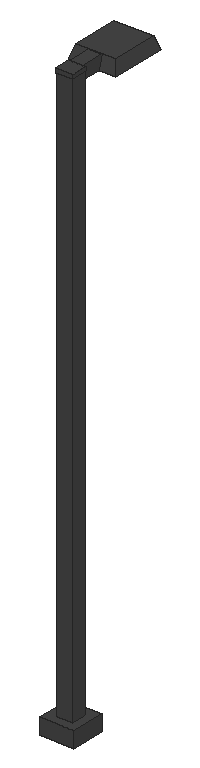
Revit family "RAR1", category Lighting Fixtures, Revit 2021
Family settings
  Round Connector Dimension = Use Diameter
  Part Type = Normal
  OmniClass Number = 23.80.70.14.21
  OmniClass Title = Street and Roadway Lighting
  Work Plane-Based = No
  Always vertical = Yes
  Cut with Voids When Loaded = No
  Light Source = Yes
  Shared = No
  Room Calculation Point = No
Parameters (values of type "RAR1")
  Width = 14.00"
  Wattage Comments = "20W"
  Wattage = 100 W
  built-in parameter 1150110 = 1 (stored number, unit not read)
  Voltage = 0 V
  URL = "https://www.currentlighting.com/exo"
  Type Comments = "Lighting Fixture"  # constant formula
  built-in parameter 1114217 = 1 (stored number, unit not read)
  Tilt Angle = 90.00°  # constant formula
  built-in parameter 1150109 = 1 (stored number, unit not read)
  built-in parameter 1150134 = (empty or 0)
  built-in parameter 1150113 = 1 (stored number, unit not read)
  Series = "Ratio"  # constant formula
  Product Page URL = ""
  Product Documentation Link = ""
  Power Factor = 1
  Pole Width = 4.00"
  Pole Height [instance] = 150.00"
  Pole = yes
  Photometric Web File = "RAR1-160L-100-3K7-2.ies"
  Photometric Notes = "More IES files download on Photometric Web Link"  # constant formula
  Offset From Pole = 6.12"
  Number of Poles = 1
  Model = "RAR1"
  Manufacturer = "EXO"  # constant formula
  Lumens = 13200 lm
  built-in parameter 1150115 = 1 (stored number, unit not read)
  built-in parameter 1150105 = 1050.4 (stored number, unit not read)
  Light source [instance] = Pole Height - 3.50"  # 146.50"
  built-in parameter 1150137 = (empty or 0)
  built-in parameter 1150139 = (empty or 0)
  Lens = Glass-Temper Molded
  built-in parameter 1150112 = 1 (stored number, unit not read)
  built-in parameter 1150114 = 1 (stored number, unit not read)
  Lamp = "default"
  built-in parameter 1150132 = (empty or 0)
  built-in parameter 1150102 = (empty or 0)
  built-in parameter 1150138 = (empty or 0)
  built-in parameter 1150107 = 3000 (stored number, unit not read)
  built-in parameter 1150106 = 10.504 (stored number, unit not read)
  Fixture Height = 7.50"
  Finish = Powder Coat-Black
  Emit from Rectangle Width = Width - 3.00"  # 11.00"
  Emit from Rectangle Length = Depth - 14.00"  # 4.44"
  Emit Shape Visible in Rendering = no
  built-in parameter 1150104 = 12.263 (stored number, unit not read)
  Dimming Lamp Color Temperature Shift = <None>
  Description = "With a new spin on a classic rectilinear form, Ratio brings the traditional shoebox aesthetic into the next generation of LED lighting. Ratio features a dense optical array which provides reduced pixilation and increased visual comfort without compromising performance. Designed for sustained, long-term performance with advanced thermal management, an elegantly simple heat sink, and industry leading surge protection."  # constant formula
  Depth = 18.44"
  Default Elevation = 0.00"
  Color Temperature = 0 K
  Color Filter = 16777215
  Certifications = "UL,CSA,Wet Listed, Damp Listed, ANSI 3G Vibration Rated"
  Center Width = 3.00"
  built-in parameter 1114218 = 1 (stored number, unit not read)
  built-in parameter 1150133 = 10 (stored number, unit not read)
  Assembly Code = "D5020200"
  Apparent Load = 20 VA
Reference planes (in)
  plane 1 "Light Source Axis (F/B)": y = 0
  plane 2: z = 0
  plane 3 "Light Source Axis (L/R)": x = 1.5
  plane 4 "Light Source Elevation": z = 146.5
  plane 5 "Back": y = -15.34
Dimensions and locks (in)
  "Light source": plane 4 "Light Source Elevation" to plane 2
  aligned and locked: plane 4 "Light Source Elevation" to imposter light
  aligned and locked: nested 1 to plane 3 "Light Source Axis (L/R)"
  aligned and locked: nested 1 to plane 5 "Back"
  aligned and locked: imposter light to plane 3 "Light Source Axis (L/R)"
Nested families (in)
  nested 1: "Lighting_Pole" at (1.5, -17.34, 0) x (-1, 0, 0) z (0, 0, 1), visible <- "Pole", type "Lighting_Pole"
    with Width 4.00", Height 150.00", Base Cover 8.625"
  nested 2: "RAR" at (1.30243, -15.34, 146.81398) x (-1, 0, 0) z (0, 1, 0), type "RAR"
    with Lens none, Finish Powder Coat-Black
Connectors (in)
  electrical at (1.5, -15.34, 18), driven by "Power Factor", driven by "Apparent Load", driven by "Apparent Load", driven by "Voltage", driven by "Number of Poles"
    settings: on nested 1, index 1, voltage 0 V, apparent load 20 VA, apparent load phase1 20 VA, apparent load phase2 0 VA, apparent load phase3 0 VA, power factor 1, load classification "Lighting", number of poles 1, system type 30, power factor state 1, is connector primary yes, connector utility no, sub classification motor no, connector description "Lighting Connector"
Definition of nested family "Lighting_Pole"
  Parameters
    Width = 5.00"
    URL = "http://www.kimlighting.com/"
    Type Comments = "Non-Tapered Pole"
    Model = "Square Pole"  # constant formula
    Manufacturer = "KIM Lighting"  # constant formula
    Height = 240.00"
    Finish = none
    Default Elevation = 0.00"
    Base Cover = if(Width = 5.00", 12.625", 8.625")  # 12.625"
  Reference planes (in)
    plane 1 "Center (Front/Back)": y = 0
    plane 2: z = 0
    plane 3 "Center (Left/Right)": x = 0
    plane 4 "Front": y = -2.5
    plane 5 "Left": x = -2.5
    plane 6 "Right": x = 2.5
    plane 7 "Back": y = 2.5
    plane 8 "Top": z = 240
    plane 9: x = -6.3125
    plane 10: x = 6.3125
    plane 11: y = 6.3125
    plane 12: y = -6.3125
    plane 13: z = 18
  Forms (in)
    Extrusion 1, solid, material <- "Finish"
      sketch origin (0, 0, 0) x (1, 0, 0) y (0, 1, 0)
        loop
          line (-2.5, -2.5) -> (2.5, -2.5) -> (2.5, 2.5) -> (-2.5, 2.5) -> (-2.5, -2.5)
      from 0 to 240
    Extrusion 2, solid, material <- "Finish", detail levels medium+fine
      sketch origin (0, 0, 0) x (1, 0, 0) y (0, 1, 0)
        loop
          line (-6.3125, -6.3125) -> (6.3125, -6.3125) -> (6.3125, 6.3125) -> (-6.3125, 6.3125) -> (-6.3125, -6.3125)
        loop
          line (-2.5, -2.5) -> (2.5, -2.5) -> (2.5, 2.5) -> (-2.5, 2.5) -> (-2.5, -2.5)
      from 0 to 4
    Extrusion 3, solid, material <- "Finish", detail levels fine
      sketch origin (0, 0, 0) x (1, 0, 0) y (0, 0, 1)
        loop
          line (-1.5, 15) -> (1.5, 15) -> (1.5, 21) -> (-1.5, 21) -> (-1.5, 15)
      from 2.5 to 2.5625
    Extrusion 4, solid, material <- "Finish", detail levels fine
      sketch origin (0, 0, 240) x (-1, 0, 0) y (0, -1, 0)
        loop
          line (2.5625, 2.5625) -> (-2.5625, 2.5625) -> (-2.5625, -2.5625) -> (2.5625, -2.5625) -> (2.5625, 2.5625)
      from 0.10394 to -0.89606
  Lines and regions (in)
    Masking region 1
      outline origin (0, 0, 0) x (1, 0, 0) y (0, 0, 1)
        loop
          line (-2.5, 0) -> (2.5, 0) -> (2.5, 240) -> (-2.5, 240) -> (-2.5, 0)
    Masking region 2, detail levels medium+fine
      outline origin (0, 0, 0) x (1, 0, 0) y (0, 0, 1)
        loop
          line (-6.3125, 0) -> (6.3125, 0) -> (6.3125, 4) -> (-6.3125, 4) -> (-6.3125, 0)
    Masking region 3, detail levels fine
      outline origin (0, 0, 0) x (1, 0, 0) y (0, 0, 1)
        loop
          line (-2.5625, 239.10394) -> (2.5625, 239.10394) -> (2.5625, 240.10394) -> (-2.5625, 240.10394) -> (-2.5625, 239.10394)
    Masking region 4
      outline origin (0, 0, 0) x (0, 1, 0) y (0, 0, 1)
        loop
          line (2.5, 0) -> (2.5, 240) -> (-2.5, 240) -> (-2.5, 0) -> (2.5, 0)
    Masking region 5, detail levels medium+fine
      outline origin (0, 0, 0) x (0, 1, 0) y (0, 0, 1)
        loop
          line (6.3125, 0) -> (6.3125, 4) -> (-6.3125, 4) -> (-6.3125, 0) -> (6.3125, 0)
    Masking region 6, detail levels fine
      outline origin (0, 0, 0) x (0, 1, 0) y (0, 0, 1)
        loop
          line (2.5625, 239.10394) -> (2.5625, 240.10394) -> (-2.5625, 240.10394) -> (-2.5625, 239.10394) -> (2.5625, 239.10394)
    Masking region 7, detail levels medium+fine
      outline origin (0, 0, 0) x (1, 0, 0) y (0, 1, 0)
        loop
          line (-6.3125, -6.3125) -> (6.3125, -6.3125) -> (6.3125, 6.3125) -> (-6.3125, 6.3125) -> (-6.3125, -6.3125)
        loop
          line (-2.5, -2.5) -> (2.5, -2.5) -> (2.5, 2.5) -> (-2.5, 2.5) -> (-2.5, -2.5)
    Masking region 8
      outline origin (0, 0, 0) x (1, 0, 0) y (0, 1, 0)
        loop
          line (-2.5, -2.5) -> (2.5, -2.5) -> (2.5, 2.5) -> (-2.5, 2.5) -> (-2.5, -2.5)
    symbolic lines, detail levels fine
      curve 1: line (-1.5, 0, 15) -> (1.5, 0, 15)
      curve 2: line (-1.5, 0, 21) -> (-1.5, 0, 15)
      curve 3: line (1.5, 0, 21) -> (-1.5, 0, 21)
      curve 4: line (1.5, 0, 15) -> (1.5, 0, 21)
  Dimensions and locks (in)
    equal spacing: plane 7 "Back", plane 1 "Center (Front/Back)", plane 4 "Front"
    equal spacing: plane 5 "Left", plane 3 "Center (Left/Right)", plane 6 "Right"
    "Width": plane 7 "Back" to plane 4 "Front"
    "Width": plane 5 "Left" to plane 6 "Right"
    plane 3 "Center (Left/Right)" to Extrusion 1 = 2.50"
    "Height": plane 8 "Top" to level
    equal spacing: plane 11, plane 1 "Center (Front/Back)", plane 12
    "Base Cover": plane 11 to plane 12
    equal spacing: plane 9, plane 3 "Center (Left/Right)", plane 10
    "Base Cover": plane 9 to plane 10
    locked: Extrusion 2 to level at 4
    locked: plane 13 to level at 18
    Extrusion 3 sketch curve to plane 13 to Extrusion 3 sketch curve = 3.00" locked, 3.00" locked
    Extrusion 3 sketch curve to plane 3 "Center (Left/Right)" to Extrusion 3 sketch curve = 1.50" locked, 1.50" locked
    locked: plane 4 "Front" to Extrusion 3 at 0.0625
    Extrusion 4 to plane 8 "Top" to Extrusion 4 = 0.10394" locked, 0.89606" locked
    aligned and locked: plane 5 "Left" to Extrusion 1 sketch curve
    aligned and locked: Extrusion 1 sketch curve to plane 4 "Front"
    aligned and locked: plane 7 "Back" to Extrusion 1 sketch curve
    aligned and locked: Extrusion 1 sketch curve to plane 6 "Right"
    aligned and locked: plane 8 "Top" to Extrusion 1
    aligned and locked: plane 9 to Extrusion 2 sketch curve
    aligned and locked: Extrusion 2 sketch curve to plane 12
    aligned and locked: plane 11 to Extrusion 2 sketch curve
    aligned and locked: Extrusion 2 sketch curve to plane 10
    aligned and locked: Extrusion 1 to Extrusion 2 sketch curve
    aligned and locked: Extrusion 2 sketch curve to Extrusion 1  (x3)
    aligned and locked: plane 4 "Front" to Extrusion 3
    aligned: plane 8 "Top" to Extrusion 4
    aligned and locked: Masking region 1 sketch curve to Extrusion 1  (x2)
    aligned and locked: plane 8 "Top" to Masking region 1 sketch curve
    aligned and locked: Masking region 1 sketch curve to plane 6 "Right"
    aligned and locked: Masking region 2 sketch curve to Extrusion 2  (x2)
    aligned and locked: Extrusion 2 to Masking region 2 sketch curve
    aligned and locked: Masking region 2 sketch curve to plane 10
    aligned and locked: Extrusion 3 to curve 1
    aligned and locked: curve 1 to Extrusion 3
    aligned and locked: curve 4 to Extrusion 3  (x2)
    aligned and locked: Masking region 3 sketch curve to Extrusion 4  (x3)
    aligned and locked: Extrusion 4 to Masking region 3 sketch curve
    aligned and locked: Masking region 4 sketch curve to Extrusion 1  (x3)
    aligned and locked: Extrusion 1 to Masking region 4 sketch curve
    aligned and locked: Masking region 5 sketch curve to Extrusion 2  (x3)
    aligned and locked: Extrusion 2 to Masking region 5 sketch curve
    aligned and locked: Masking region 6 sketch curve to Extrusion 4  (x3)
    aligned and locked: Extrusion 4 to Masking region 6 sketch curve
    aligned and locked: Extrusion 2 to Masking region 7 sketch curve
    aligned and locked: Masking region 7 sketch curve to Extrusion 2  (x3)
    aligned and locked: Extrusion 1 to Masking region 8 sketch curve
    aligned and locked: Masking region 8 sketch curve to Extrusion 1  (x3)
    aligned and locked: Extrusion 1 to Masking region 7 sketch curve
    aligned and locked: Masking region 7 sketch curve to Extrusion 1  (x3)
  Automatic sketch dimensions
    Extrusion 4 sketch curve to plane 6 "Right" = 0.0625"
    plane 5 "Left" to Extrusion 4 sketch curve = 0.0625"
    plane 7 "Back" to Extrusion 4 sketch curve = 0.0625"
    Extrusion 4 sketch curve to plane 4 "Front" = 0.0625"
Definition of nested family "RAR"
  Parameters
    URL = "http://www.spauldinglighting.com/"
    Product Page URL = ""
    Product Documentation Link = ""
    Manufacturer Phone = "(864)-678-1000"  # constant formula
    Manufacturer Fax = "(866)-898-1065"  # constant formula
    Manufacturer = "Spaulding Lighting"  # constant formula
    Lens Finish = none
    Lens [instance] = none
    Length = 30.25"
    Finish [instance] = none
    Default Elevation = 48.00"
    C = 12.00"
  Reference planes (in)
    plane 1 "Center (Front/Back)": y = 0
    plane 2: z = 0
    plane 3 "Center (Left/Right)": x = 0
    plane 4: z = 19
    plane 5: z = 5
    plane 6: y = -3.375
    plane 7: x = -6
    plane 8: x = 6
    plane 9: y = 3
  Forms (in)
    Extrusion 1, solid, material <- "Finish"
      sketch origin (0, 0, 0) x (0, 1, 0) y (0, 0, 1)
        loop
          line (0, 5) -> (0, 0) -> (3.25, 0) -> (3.25, 6) -> (0, 5)
      from -1.5889 to 1.5889
    Blend 2, solid, material <- "Finish"
      base sketch origin (0, 0, 0) x (1, 0, 0) y (0, 0, 1)
        loop
          line (-6, 19) -> (-6, 5) -> (6, 5) -> (6, 19) -> (-6, 19)
      top sketch origin (0, 0, 0) x (1, 0, 0) y (0, 0, 1)
        loop
          line (-5, 18) -> (-5, 6) -> (5, 6) -> (5, 18) -> (-5, 18)
      from 0 to -3.25
    Extrusion 3, void
      sketch origin (0, 0, 0) x (1, 0, 0) y (0, 0, 1)
        loop
          line (-5, 18) -> (-5, 12.48575) -> (5, 12.48575) -> (5, 18) -> (-5, 18)
      from 0 to -1
    Extrusion 4, solid, material <- "Lens"
      sketch origin (0, 0, 0) x (1, 0, 0) y (0, 0, 1)
        loop
          line (-5, 18) -> (-5, 12.48575) -> (5, 12.48575) -> (5, 18) -> (-5, 18)
        loop
          line (-4.74415, 17.73809) -> (-4.74415, 17.48809) -> (-4.49415, 17.48809) -> (-4.49415, 17.73809) -> (-4.74415, 17.73809)
        loop
          line (-4.24415, 17.73809) -> (-4.24415, 17.48809) -> (-3.99415, 17.48809) -> (-3.99415, 17.73809) -> (-4.24415, 17.73809)
        loop
          line (-3.74415, 17.73809) -> (-3.74415, 17.48809) -> (-3.49415, 17.48809) -> (-3.49415, 17.73809) -> (-3.74415, 17.73809)
        loop
          line (-3.33759, 17.73809) -> (-3.33759, 17.48809) -> (-3.08759, 17.48809) -> (-3.08759, 17.73809) -> (-3.33759, 17.73809)
        loop
          line (-2.83759, 17.73809) -> (-2.83759, 17.48809) -> (-2.58759, 17.48809) -> (-2.58759, 17.73809) -> (-2.83759, 17.73809)
        loop
          line (-2.33759, 17.73809) -> (-2.33759, 17.48809) -> (-2.08759, 17.48809) -> (-2.08759, 17.73809) -> (-2.33759, 17.73809)
        loop
          line (-1.93103, 17.73809) -> (-1.93103, 17.48809) -> (-1.68103, 17.48809) -> (-1.68103, 17.73809) -> (-1.93103, 17.73809)
        loop
          line (-1.43103, 17.73809) -> (-1.43103, 17.48809) -> (-1.18103, 17.48809) -> (-1.18103, 17.73809) -> (-1.43103, 17.73809)
        loop
          line (-0.93103, 17.73809) -> (-0.93103, 17.48809) -> (-0.68103, 17.48809) -> (-0.68103, 17.73809) -> (-0.93103, 17.73809)
        loop
          line (-0.52447, 17.73809) -> (-0.52447, 17.48809) -> (-0.27447, 17.48809) -> (-0.27447, 17.73809) -> (-0.52447, 17.73809)
        loop
          line (0.25585, 17.73809) -> (0.25585, 17.48809) -> (0.50585, 17.48809) -> (0.50585, 17.73809) -> (0.25585, 17.73809)
        loop
          line (0.75585, 17.73809) -> (0.75585, 17.48809) -> (1.00585, 17.48809) -> (1.00585, 17.73809) -> (0.75585, 17.73809)
        loop
          line (1.25585, 17.73809) -> (1.25585, 17.48809) -> (1.50585, 17.48809) -> (1.50585, 17.73809) -> (1.25585, 17.73809)
        loop
          line (1.66241, 17.73809) -> (1.66241, 17.48809) -> (1.91241, 17.48809) -> (1.91241, 17.73809) -> (1.66241, 17.73809)
        loop
          line (2.16241, 17.73809) -> (2.16241, 17.48809) -> (2.41241, 17.48809) -> (2.41241, 17.73809) -> (2.16241, 17.73809)
        loop
          line (2.66241, 17.73809) -> (2.66241, 17.48809) -> (2.91241, 17.48809) -> (2.91241, 17.73809) -> (2.66241, 17.73809)
        loop
          line (3.06897, 17.73809) -> (3.06897, 17.48809) -> (3.31897, 17.48809) -> (3.31897, 17.73809) -> (3.06897, 17.73809)
        loop
          line (3.56897, 17.73809) -> (3.56897, 17.48809) -> (3.81897, 17.48809) -> (3.81897, 17.73809) -> (3.56897, 17.73809)
        loop
          line (4.06897, 17.73809) -> (4.06897, 17.48809) -> (4.31897, 17.48809) -> (4.31897, 17.73809) -> (4.06897, 17.73809)
        loop
          line (4.47553, 17.73809) -> (4.47553, 17.48809) -> (4.72553, 17.48809) -> (4.72553, 17.73809) -> (4.47553, 17.73809)
        loop
          line (-4.74415, 17.22618) -> (-4.74415, 16.97618) -> (-4.49415, 16.97618) -> (-4.49415, 17.22618) -> (-4.74415, 17.22618)
        loop
          line (-4.24415, 17.22618) -> (-4.24415, 16.97618) -> (-3.99415, 16.97618) -> (-3.99415, 17.22618) -> (-4.24415, 17.22618)
        loop
          line (-3.74415, 17.22618) -> (-3.74415, 16.97618) -> (-3.49415, 16.97618) -> (-3.49415, 17.22618) -> (-3.74415, 17.22618)
        loop
          line (-3.33759, 17.22618) -> (-3.33759, 16.97618) -> (-3.08759, 16.97618) -> (-3.08759, 17.22618) -> (-3.33759, 17.22618)
        loop
          line (-2.83759, 17.22618) -> (-2.83759, 16.97618) -> (-2.58759, 16.97618) -> (-2.58759, 17.22618) -> (-2.83759, 17.22618)
        loop
          line (-2.33759, 17.22618) -> (-2.33759, 16.97618) -> (-2.08759, 16.97618) -> (-2.08759, 17.22618) -> (-2.33759, 17.22618)
        loop
          line (-1.93103, 17.22618) -> (-1.93103, 16.97618) -> (-1.68103, 16.97618) -> (-1.68103, 17.22618) -> (-1.93103, 17.22618)
        loop
          line (-1.43103, 17.22618) -> (-1.43103, 16.97618) -> (-1.18103, 16.97618) -> (-1.18103, 17.22618) -> (-1.43103, 17.22618)
        loop
          line (-0.93103, 17.22618) -> (-0.93103, 16.97618) -> (-0.68103, 16.97618) -> (-0.68103, 17.22618) -> (-0.93103, 17.22618)
        loop
          line (-0.52447, 17.22618) -> (-0.52447, 16.97618) -> (-0.27447, 16.97618) -> (-0.27447, 17.22618) -> (-0.52447, 17.22618)
        loop
          line (0.25585, 17.22618) -> (0.25585, 16.97618) -> (0.50585, 16.97618) -> (0.50585, 17.22618) -> (0.25585, 17.22618)
        loop
          line (0.75585, 17.22618) -> (0.75585, 16.97618) -> (1.00585, 16.97618) -> (1.00585, 17.22618) -> (0.75585, 17.22618)
        loop
          line (1.25585, 17.22618) -> (1.25585, 16.97618) -> (1.50585, 16.97618) -> (1.50585, 17.22618) -> (1.25585, 17.22618)
        loop
          line (1.66241, 17.22618) -> (1.66241, 16.97618) -> (1.91241, 16.97618) -> (1.91241, 17.22618) -> (1.66241, 17.22618)
        loop
          line (2.16241, 17.22618) -> (2.16241, 16.97618) -> (2.41241, 16.97618) -> (2.41241, 17.22618) -> (2.16241, 17.22618)
        loop
          line (2.66241, 17.22618) -> (2.66241, 16.97618) -> (2.91241, 16.97618) -> (2.91241, 17.22618) -> (2.66241, 17.22618)
        loop
          line (3.06897, 17.22618) -> (3.06897, 16.97618) -> (3.31897, 16.97618) -> (3.31897, 17.22618) -> (3.06897, 17.22618)
        loop
          line (3.56897, 17.22618) -> (3.56897, 16.97618) -> (3.81897, 16.97618) -> (3.81897, 17.22618) -> (3.56897, 17.22618)
        loop
          line (4.06897, 17.22618) -> (4.06897, 16.97618) -> (4.31897, 16.97618) -> (4.31897, 17.22618) -> (4.06897, 17.22618)
        loop
          line (4.47553, 17.22618) -> (4.47553, 16.97618) -> (4.72553, 16.97618) -> (4.72553, 17.22618) -> (4.47553, 17.22618)
        loop
          line (-4.74415, 16.71427) -> (-4.74415, 16.46427) -> (-4.49415, 16.46427) -> (-4.49415, 16.71427) -> (-4.74415, 16.71427)
        loop
          line (-4.24415, 16.71427) -> (-4.24415, 16.46427) -> (-3.99415, 16.46427) -> (-3.99415, 16.71427) -> (-4.24415, 16.71427)
        loop
          line (-3.74415, 16.71427) -> (-3.74415, 16.46427) -> (-3.49415, 16.46427) -> (-3.49415, 16.71427) -> (-3.74415, 16.71427)
        loop
          line (-3.33759, 16.71427) -> (-3.33759, 16.46427) -> (-3.08759, 16.46427) -> (-3.08759, 16.71427) -> (-3.33759, 16.71427)
        loop
          line (-2.83759, 16.71427) -> (-2.83759, 16.46427) -> (-2.58759, 16.46427) -> (-2.58759, 16.71427) -> (-2.83759, 16.71427)
        loop
          line (-2.33759, 16.71427) -> (-2.33759, 16.46427) -> (-2.08759, 16.46427) -> (-2.08759, 16.71427) -> (-2.33759, 16.71427)
        loop
          line (-1.93103, 16.71427) -> (-1.93103, 16.46427) -> (-1.68103, 16.46427) -> (-1.68103, 16.71427) -> (-1.93103, 16.71427)
        loop
          line (-1.43103, 16.71427) -> (-1.43103, 16.46427) -> (-1.18103, 16.46427) -> (-1.18103, 16.71427) -> (-1.43103, 16.71427)
        loop
          line (-0.93103, 16.71427) -> (-0.93103, 16.46427) -> (-0.68103, 16.46427) -> (-0.68103, 16.71427) -> (-0.93103, 16.71427)
        loop
          line (-0.52447, 16.71427) -> (-0.52447, 16.46427) -> (-0.27447, 16.46427) -> (-0.27447, 16.71427) -> (-0.52447, 16.71427)
        loop
          line (0.25585, 16.71427) -> (0.25585, 16.46427) -> (0.50585, 16.46427) -> (0.50585, 16.71427) -> (0.25585, 16.71427)
        loop
          line (0.75585, 16.71427) -> (0.75585, 16.46427) -> (1.00585, 16.46427) -> (1.00585, 16.71427) -> (0.75585, 16.71427)
        loop
          line (1.25585, 16.71427) -> (1.25585, 16.46427) -> (1.50585, 16.46427) -> (1.50585, 16.71427) -> (1.25585, 16.71427)
        loop
          line (1.66241, 16.71427) -> (1.66241, 16.46427) -> (1.91241, 16.46427) -> (1.91241, 16.71427) -> (1.66241, 16.71427)
        loop
          line (2.16241, 16.71427) -> (2.16241, 16.46427) -> (2.41241, 16.46427) -> (2.41241, 16.71427) -> (2.16241, 16.71427)
        loop
          line (2.66241, 16.71427) -> (2.66241, 16.46427) -> (2.91241, 16.46427) -> (2.91241, 16.71427) -> (2.66241, 16.71427)
        loop
          line (3.06897, 16.71427) -> (3.06897, 16.46427) -> (3.31897, 16.46427) -> (3.31897, 16.71427) -> (3.06897, 16.71427)
        loop
          line (3.56897, 16.71427) -> (3.56897, 16.46427) -> (3.81897, 16.46427) -> (3.81897, 16.71427) -> (3.56897, 16.71427)
        loop
          line (4.06897, 16.71427) -> (4.06897, 16.46427) -> (4.31897, 16.46427) -> (4.31897, 16.71427) -> (4.06897, 16.71427)
        loop
          line (4.47553, 16.71427) -> (4.47553, 16.46427) -> (4.72553, 16.46427) -> (4.72553, 16.71427) -> (4.47553, 16.71427)
        loop
          line (-4.74415, 16.20236) -> (-4.74415, 15.95236) -> (-4.49415, 15.95236) -> (-4.49415, 16.20236) -> (-4.74415, 16.20236)
        loop
          line (-4.24415, 16.20236) -> (-4.24415, 15.95236) -> (-3.99415, 15.95236) -> (-3.99415, 16.20236) -> (-4.24415, 16.20236)
        loop
          line (-3.74415, 16.20236) -> (-3.74415, 15.95236) -> (-3.49415, 15.95236) -> (-3.49415, 16.20236) -> (-3.74415, 16.20236)
        loop
          line (-3.33759, 16.20236) -> (-3.33759, 15.95236) -> (-3.08759, 15.95236) -> (-3.08759, 16.20236) -> (-3.33759, 16.20236)
        loop
          line (-2.83759, 16.20236) -> (-2.83759, 15.95236) -> (-2.58759, 15.95236) -> (-2.58759, 16.20236) -> (-2.83759, 16.20236)
        loop
          line (-2.33759, 16.20236) -> (-2.33759, 15.95236) -> (-2.08759, 15.95236) -> (-2.08759, 16.20236) -> (-2.33759, 16.20236)
        loop
          line (-1.93103, 16.20236) -> (-1.93103, 15.95236) -> (-1.68103, 15.95236) -> (-1.68103, 16.20236) -> (-1.93103, 16.20236)
        loop
          line (-1.43103, 16.20236) -> (-1.43103, 15.95236) -> (-1.18103, 15.95236) -> (-1.18103, 16.20236) -> (-1.43103, 16.20236)
        loop
          line (-0.93103, 16.20236) -> (-0.93103, 15.95236) -> (-0.68103, 15.95236) -> (-0.68103, 16.20236) -> (-0.93103, 16.20236)
        loop
          line (-0.52447, 16.20236) -> (-0.52447, 15.95236) -> (-0.27447, 15.95236) -> (-0.27447, 16.20236) -> (-0.52447, 16.20236)
        loop
          line (0.25585, 16.20236) -> (0.25585, 15.95236) -> (0.50585, 15.95236) -> (0.50585, 16.20236) -> (0.25585, 16.20236)
        loop
          line (0.75585, 16.20236) -> (0.75585, 15.95236) -> (1.00585, 15.95236) -> (1.00585, 16.20236) -> (0.75585, 16.20236)
        loop
          line (1.25585, 16.20236) -> (1.25585, 15.95236) -> (1.50585, 15.95236) -> (1.50585, 16.20236) -> (1.25585, 16.20236)
        loop
          line (1.66241, 16.20236) -> (1.66241, 15.95236) -> (1.91241, 15.95236) -> (1.91241, 16.20236) -> (1.66241, 16.20236)
        loop
          line (2.16241, 16.20236) -> (2.16241, 15.95236) -> (2.41241, 15.95236) -> (2.41241, 16.20236) -> (2.16241, 16.20236)
        loop
          line (2.66241, 16.20236) -> (2.66241, 15.95236) -> (2.91241, 15.95236) -> (2.91241, 16.20236) -> (2.66241, 16.20236)
        loop
          line (3.06897, 16.20236) -> (3.06897, 15.95236) -> (3.31897, 15.95236) -> (3.31897, 16.20236) -> (3.06897, 16.20236)
        loop
          line (3.56897, 16.20236) -> (3.56897, 15.95236) -> (3.81897, 15.95236) -> (3.81897, 16.20236) -> (3.56897, 16.20236)
        loop
          line (4.06897, 16.20236) -> (4.06897, 15.95236) -> (4.31897, 15.95236) -> (4.31897, 16.20236) -> (4.06897, 16.20236)
        loop
          line (4.47553, 16.20236) -> (4.47553, 15.95236) -> (4.72553, 15.95236) -> (4.72553, 16.20236) -> (4.47553, 16.20236)
        loop
          line (-4.74415, 15.69045) -> (-4.74415, 15.44045) -> (-4.49415, 15.44045) -> (-4.49415, 15.69045) -> (-4.74415, 15.69045)
        loop
          line (-4.24415, 15.69045) -> (-4.24415, 15.44045) -> (-3.99415, 15.44045) -> (-3.99415, 15.69045) -> (-4.24415, 15.69045)
        loop
          line (-3.74415, 15.69045) -> (-3.74415, 15.44045) -> (-3.49415, 15.44045) -> (-3.49415, 15.69045) -> (-3.74415, 15.69045)
        loop
          line (-3.33759, 15.69045) -> (-3.33759, 15.44045) -> (-3.08759, 15.44045) -> (-3.08759, 15.69045) -> (-3.33759, 15.69045)
        loop
          line (-2.83759, 15.69045) -> (-2.83759, 15.44045) -> (-2.58759, 15.44045) -> (-2.58759, 15.69045) -> (-2.83759, 15.69045)
        loop
          line (-2.33759, 15.69045) -> (-2.33759, 15.44045) -> (-2.08759, 15.44045) -> (-2.08759, 15.69045) -> (-2.33759, 15.69045)
        loop
          line (-1.93103, 15.69045) -> (-1.93103, 15.44045) -> (-1.68103, 15.44045) -> (-1.68103, 15.69045) -> (-1.93103, 15.69045)
        loop
          line (-1.43103, 15.69045) -> (-1.43103, 15.44045) -> (-1.18103, 15.44045) -> (-1.18103, 15.69045) -> (-1.43103, 15.69045)
        loop
          line (-0.93103, 15.69045) -> (-0.93103, 15.44045) -> (-0.68103, 15.44045) -> (-0.68103, 15.69045) -> (-0.93103, 15.69045)
        loop
          line (-0.52447, 15.69045) -> (-0.52447, 15.44045) -> (-0.27447, 15.44045) -> (-0.27447, 15.69045) -> (-0.52447, 15.69045)
        loop
          line (0.25585, 15.69045) -> (0.25585, 15.44045) -> (0.50585, 15.44045) -> (0.50585, 15.69045) -> (0.25585, 15.69045)
        loop
          line (0.75585, 15.69045) -> (0.75585, 15.44045) -> (1.00585, 15.44045) -> (1.00585, 15.69045) -> (0.75585, 15.69045)
        loop
          line (1.25585, 15.69045) -> (1.25585, 15.44045) -> (1.50585, 15.44045) -> (1.50585, 15.69045) -> (1.25585, 15.69045)
        loop
          line (1.66241, 15.69045) -> (1.66241, 15.44045) -> (1.91241, 15.44045) -> (1.91241, 15.69045) -> (1.66241, 15.69045)
        loop
          line (2.16241, 15.69045) -> (2.16241, 15.44045) -> (2.41241, 15.44045) -> (2.41241, 15.69045) -> (2.16241, 15.69045)
        loop
          line (2.66241, 15.69045) -> (2.66241, 15.44045) -> (2.91241, 15.44045) -> (2.91241, 15.69045) -> (2.66241, 15.69045)
        loop
          line (3.06897, 15.69045) -> (3.06897, 15.44045) -> (3.31897, 15.44045) -> (3.31897, 15.69045) -> (3.06897, 15.69045)
        loop
          line (3.56897, 15.69045) -> (3.56897, 15.44045) -> (3.81897, 15.44045) -> (3.81897, 15.69045) -> (3.56897, 15.69045)
        loop
          line (4.06897, 15.69045) -> (4.06897, 15.44045) -> (4.31897, 15.44045) -> (4.31897, 15.69045) -> (4.06897, 15.69045)
        loop
          line (4.47553, 15.69045) -> (4.47553, 15.44045) -> (4.72553, 15.44045) -> (4.72553, 15.69045) -> (4.47553, 15.69045)
        loop
          line (-4.74415, 15.17854) -> (-4.74415, 14.92854) -> (-4.49415, 14.92854) -> (-4.49415, 15.17854) -> (-4.74415, 15.17854)
        loop
          line (-4.24415, 15.17854) -> (-4.24415, 14.92854) -> (-3.99415, 14.92854) -> (-3.99415, 15.17854) -> (-4.24415, 15.17854)
        loop
          line (-3.74415, 15.17854) -> (-3.74415, 14.92854) -> (-3.49415, 14.92854) -> (-3.49415, 15.17854) -> (-3.74415, 15.17854)
        loop
          line (-3.33759, 15.17854) -> (-3.33759, 14.92854) -> (-3.08759, 14.92854) -> (-3.08759, 15.17854) -> (-3.33759, 15.17854)
        loop
          line (-2.83759, 15.17854) -> (-2.83759, 14.92854) -> (-2.58759, 14.92854) -> (-2.58759, 15.17854) -> (-2.83759, 15.17854)
        loop
          line (-2.33759, 15.17854) -> (-2.33759, 14.92854) -> (-2.08759, 14.92854) -> (-2.08759, 15.17854) -> (-2.33759, 15.17854)
        loop
          line (-1.93103, 15.17854) -> (-1.93103, 14.92854) -> (-1.68103, 14.92854) -> (-1.68103, 15.17854) -> (-1.93103, 15.17854)
        loop
          line (-1.43103, 15.17854) -> (-1.43103, 14.92854) -> (-1.18103, 14.92854) -> (-1.18103, 15.17854) -> (-1.43103, 15.17854)
        loop
          line (-0.93103, 15.17854) -> (-0.93103, 14.92854) -> (-0.68103, 14.92854) -> (-0.68103, 15.17854) -> (-0.93103, 15.17854)
        loop
          line (-0.52447, 15.17854) -> (-0.52447, 14.92854) -> (-0.27447, 14.92854) -> (-0.27447, 15.17854) -> (-0.52447, 15.17854)
        loop
          line (0.25585, 15.17854) -> (0.25585, 14.92854) -> (0.50585, 14.92854) -> (0.50585, 15.17854) -> (0.25585, 15.17854)
        loop
          line (0.75585, 15.17854) -> (0.75585, 14.92854) -> (1.00585, 14.92854) -> (1.00585, 15.17854) -> (0.75585, 15.17854)
        loop
          line (1.25585, 15.17854) -> (1.25585, 14.92854) -> (1.50585, 14.92854) -> (1.50585, 15.17854) -> (1.25585, 15.17854)
        loop
          line (1.66241, 15.17854) -> (1.66241, 14.92854) -> (1.91241, 14.92854) -> (1.91241, 15.17854) -> (1.66241, 15.17854)
        loop
          line (2.16241, 15.17854) -> (2.16241, 14.92854) -> (2.41241, 14.92854) -> (2.41241, 15.17854) -> (2.16241, 15.17854)
        loop
          line (2.66241, 15.17854) -> (2.66241, 14.92854) -> (2.91241, 14.92854) -> (2.91241, 15.17854) -> (2.66241, 15.17854)
        loop
          line (3.06897, 15.17854) -> (3.06897, 14.92854) -> (3.31897, 14.92854) -> (3.31897, 15.17854) -> (3.06897, 15.17854)
        loop
          line (3.56897, 15.17854) -> (3.56897, 14.92854) -> (3.81897, 14.92854) -> (3.81897, 15.17854) -> (3.56897, 15.17854)
        loop
          line (4.06897, 15.17854) -> (4.06897, 14.92854) -> (4.31897, 14.92854) -> (4.31897, 15.17854) -> (4.06897, 15.17854)
        loop
          line (4.47553, 15.17854) -> (4.47553, 14.92854) -> (4.72553, 14.92854) -> (4.72553, 15.17854) -> (4.47553, 15.17854)
        loop
          line (-4.74415, 14.66663) -> (-4.74415, 14.41663) -> (-4.49415, 14.41663) -> (-4.49415, 14.66663) -> (-4.74415, 14.66663)
        loop
          line (-4.24415, 14.66663) -> (-4.24415, 14.41663) -> (-3.99415, 14.41663) -> (-3.99415, 14.66663) -> (-4.24415, 14.66663)
        loop
          line (-3.74415, 14.66663) -> (-3.74415, 14.41663) -> (-3.49415, 14.41663) -> (-3.49415, 14.66663) -> (-3.74415, 14.66663)
        loop
          line (-3.33759, 14.66663) -> (-3.33759, 14.41663) -> (-3.08759, 14.41663) -> (-3.08759, 14.66663) -> (-3.33759, 14.66663)
        loop
          line (-2.83759, 14.66663) -> (-2.83759, 14.41663) -> (-2.58759, 14.41663) -> (-2.58759, 14.66663) -> (-2.83759, 14.66663)
        loop
          line (-2.33759, 14.66663) -> (-2.33759, 14.41663) -> (-2.08759, 14.41663) -> (-2.08759, 14.66663) -> (-2.33759, 14.66663)
        loop
          line (-1.93103, 14.66663) -> (-1.93103, 14.41663) -> (-1.68103, 14.41663) -> (-1.68103, 14.66663) -> (-1.93103, 14.66663)
        loop
          line (-1.43103, 14.66663) -> (-1.43103, 14.41663) -> (-1.18103, 14.41663) -> (-1.18103, 14.66663) -> (-1.43103, 14.66663)
        loop
          line (-0.93103, 14.66663) -> (-0.93103, 14.41663) -> (-0.68103, 14.41663) -> (-0.68103, 14.66663) -> (-0.93103, 14.66663)
        loop
          line (-0.52447, 14.66663) -> (-0.52447, 14.41663) -> (-0.27447, 14.41663) -> (-0.27447, 14.66663) -> (-0.52447, 14.66663)
        loop
          line (0.25585, 14.66663) -> (0.25585, 14.41663) -> (0.50585, 14.41663) -> (0.50585, 14.66663) -> (0.25585, 14.66663)
        loop
          line (0.75585, 14.66663) -> (0.75585, 14.41663) -> (1.00585, 14.41663) -> (1.00585, 14.66663) -> (0.75585, 14.66663)
        loop
          line (1.25585, 14.66663) -> (1.25585, 14.41663) -> (1.50585, 14.41663) -> (1.50585, 14.66663) -> (1.25585, 14.66663)
        loop
          line (1.66241, 14.66663) -> (1.66241, 14.41663) -> (1.91241, 14.41663) -> (1.91241, 14.66663) -> (1.66241, 14.66663)
        loop
          line (2.16241, 14.66663) -> (2.16241, 14.41663) -> (2.41241, 14.41663) -> (2.41241, 14.66663) -> (2.16241, 14.66663)
        loop
          line (2.66241, 14.66663) -> (2.66241, 14.41663) -> (2.91241, 14.41663) -> (2.91241, 14.66663) -> (2.66241, 14.66663)
        loop
          line (3.06897, 14.66663) -> (3.06897, 14.41663) -> (3.31897, 14.41663) -> (3.31897, 14.66663) -> (3.06897, 14.66663)
        loop
          line (3.56897, 14.66663) -> (3.56897, 14.41663) -> (3.81897, 14.41663) -> (3.81897, 14.66663) -> (3.56897, 14.66663)
        loop
          line (4.06897, 14.66663) -> (4.06897, 14.41663) -> (4.31897, 14.41663) -> (4.31897, 14.66663) -> (4.06897, 14.66663)
        loop
          line (4.47553, 14.66663) -> (4.47553, 14.41663) -> (4.72553, 14.41663) -> (4.72553, 14.66663) -> (4.47553, 14.66663)
        loop
          line (-4.74415, 14.15472) -> (-4.74415, 13.90472) -> (-4.49415, 13.90472) -> (-4.49415, 14.15472) -> (-4.74415, 14.15472)
        loop
          line (-4.24415, 14.15472) -> (-4.24415, 13.90472) -> (-3.99415, 13.90472) -> (-3.99415, 14.15472) -> (-4.24415, 14.15472)
        loop
          line (-3.74415, 14.15472) -> (-3.74415, 13.90472) -> (-3.49415, 13.90472) -> (-3.49415, 14.15472) -> (-3.74415, 14.15472)
        loop
          line (-3.33759, 14.15472) -> (-3.33759, 13.90472) -> (-3.08759, 13.90472) -> (-3.08759, 14.15472) -> (-3.33759, 14.15472)
        loop
          line (-2.83759, 14.15472) -> (-2.83759, 13.90472) -> (-2.58759, 13.90472) -> (-2.58759, 14.15472) -> (-2.83759, 14.15472)
        loop
          line (-2.33759, 14.15472) -> (-2.33759, 13.90472) -> (-2.08759, 13.90472) -> (-2.08759, 14.15472) -> (-2.33759, 14.15472)
        loop
          line (-1.93103, 14.15472) -> (-1.93103, 13.90472) -> (-1.68103, 13.90472) -> (-1.68103, 14.15472) -> (-1.93103, 14.15472)
        loop
          line (-1.43103, 14.15472) -> (-1.43103, 13.90472) -> (-1.18103, 13.90472) -> (-1.18103, 14.15472) -> (-1.43103, 14.15472)
        loop
          line (-0.93103, 14.15472) -> (-0.93103, 13.90472) -> (-0.68103, 13.90472) -> (-0.68103, 14.15472) -> (-0.93103, 14.15472)
        loop
          line (-0.52447, 14.15472) -> (-0.52447, 13.90472) -> (-0.27447, 13.90472) -> (-0.27447, 14.15472) -> (-0.52447, 14.15472)
        loop
          line (0.25585, 14.15472) -> (0.25585, 13.90472) -> (0.50585, 13.90472) -> (0.50585, 14.15472) -> (0.25585, 14.15472)
        loop
          line (0.75585, 14.15472) -> (0.75585, 13.90472) -> (1.00585, 13.90472) -> (1.00585, 14.15472) -> (0.75585, 14.15472)
        loop
          line (1.25585, 14.15472) -> (1.25585, 13.90472) -> (1.50585, 13.90472) -> (1.50585, 14.15472) -> (1.25585, 14.15472)
        loop
          line (1.66241, 14.15472) -> (1.66241, 13.90472) -> (1.91241, 13.90472) -> (1.91241, 14.15472) -> (1.66241, 14.15472)
        loop
          line (2.16241, 14.15472) -> (2.16241, 13.90472) -> (2.41241, 13.90472) -> (2.41241, 14.15472) -> (2.16241, 14.15472)
        loop
          line (2.66241, 14.15472) -> (2.66241, 13.90472) -> (2.91241, 13.90472) -> (2.91241, 14.15472) -> (2.66241, 14.15472)
        loop
          line (3.06897, 14.15472) -> (3.06897, 13.90472) -> (3.31897, 13.90472) -> (3.31897, 14.15472) -> (3.06897, 14.15472)
        loop
          line (3.56897, 14.15472) -> (3.56897, 13.90472) -> (3.81897, 13.90472) -> (3.81897, 14.15472) -> (3.56897, 14.15472)
        loop
          line (4.06897, 14.15472) -> (4.06897, 13.90472) -> (4.31897, 13.90472) -> (4.31897, 14.15472) -> (4.06897, 14.15472)
        loop
          line (4.47553, 14.15472) -> (4.47553, 13.90472) -> (4.72553, 13.90472) -> (4.72553, 14.15472) -> (4.47553, 14.15472)
        loop
          line (-4.74415, 13.64282) -> (-4.74415, 13.39282) -> (-4.49415, 13.39282) -> (-4.49415, 13.64282) -> (-4.74415, 13.64282)
        loop
          line (-4.24415, 13.64282) -> (-4.24415, 13.39282) -> (-3.99415, 13.39282) -> (-3.99415, 13.64282) -> (-4.24415, 13.64282)
        loop
          line (-3.74415, 13.64282) -> (-3.74415, 13.39282) -> (-3.49415, 13.39282) -> (-3.49415, 13.64282) -> (-3.74415, 13.64282)
        loop
          line (-3.33759, 13.64282) -> (-3.33759, 13.39282) -> (-3.08759, 13.39282) -> (-3.08759, 13.64282) -> (-3.33759, 13.64282)
        loop
          line (-2.83759, 13.64282) -> (-2.83759, 13.39282) -> (-2.58759, 13.39282) -> (-2.58759, 13.64282) -> (-2.83759, 13.64282)
        loop
          line (-2.33759, 13.64282) -> (-2.33759, 13.39282) -> (-2.08759, 13.39282) -> (-2.08759, 13.64282) -> (-2.33759, 13.64282)
        loop
          line (-1.93103, 13.64282) -> (-1.93103, 13.39282) -> (-1.68103, 13.39282) -> (-1.68103, 13.64282) -> (-1.93103, 13.64282)
        loop
          line (-1.43103, 13.64282) -> (-1.43103, 13.39282) -> (-1.18103, 13.39282) -> (-1.18103, 13.64282) -> (-1.43103, 13.64282)
        loop
          line (-0.93103, 13.64282) -> (-0.93103, 13.39282) -> (-0.68103, 13.39282) -> (-0.68103, 13.64282) -> (-0.93103, 13.64282)
        loop
          line (-0.52447, 13.64282) -> (-0.52447, 13.39282) -> (-0.27447, 13.39282) -> (-0.27447, 13.64282) -> (-0.52447, 13.64282)
        loop
          line (0.25585, 13.64282) -> (0.25585, 13.39282) -> (0.50585, 13.39282) -> (0.50585, 13.64282) -> (0.25585, 13.64282)
        loop
          line (0.75585, 13.64282) -> (0.75585, 13.39282) -> (1.00585, 13.39282) -> (1.00585, 13.64282) -> (0.75585, 13.64282)
        loop
          line (1.25585, 13.64282) -> (1.25585, 13.39282) -> (1.50585, 13.39282) -> (1.50585, 13.64282) -> (1.25585, 13.64282)
        loop
          line (1.66241, 13.64282) -> (1.66241, 13.39282) -> (1.91241, 13.39282) -> (1.91241, 13.64282) -> (1.66241, 13.64282)
        loop
          line (2.16241, 13.64282) -> (2.16241, 13.39282) -> (2.41241, 13.39282) -> (2.41241, 13.64282) -> (2.16241, 13.64282)
        loop
          line (2.66241, 13.64282) -> (2.66241, 13.39282) -> (2.91241, 13.39282) -> (2.91241, 13.64282) -> (2.66241, 13.64282)
        loop
          line (3.06897, 13.64282) -> (3.06897, 13.39282) -> (3.31897, 13.39282) -> (3.31897, 13.64282) -> (3.06897, 13.64282)
        loop
          line (3.56897, 13.64282) -> (3.56897, 13.39282) -> (3.81897, 13.39282) -> (3.81897, 13.64282) -> (3.56897, 13.64282)
        loop
          line (4.06897, 13.64282) -> (4.06897, 13.39282) -> (4.31897, 13.39282) -> (4.31897, 13.64282) -> (4.06897, 13.64282)
        loop
          line (4.47553, 13.64282) -> (4.47553, 13.39282) -> (4.72553, 13.39282) -> (4.72553, 13.64282) -> (4.47553, 13.64282)
        loop
          line (-4.74415, 13.13091) -> (-4.74415, 12.88091) -> (-4.49415, 12.88091) -> (-4.49415, 13.13091) -> (-4.74415, 13.13091)
        loop
          line (-4.24415, 13.13091) -> (-4.24415, 12.88091) -> (-3.99415, 12.88091) -> (-3.99415, 13.13091) -> (-4.24415, 13.13091)
        loop
          line (-3.74415, 13.13091) -> (-3.74415, 12.88091) -> (-3.49415, 12.88091) -> (-3.49415, 13.13091) -> (-3.74415, 13.13091)
        loop
          line (-3.33759, 13.13091) -> (-3.33759, 12.88091) -> (-3.08759, 12.88091) -> (-3.08759, 13.13091) -> (-3.33759, 13.13091)
        loop
          line (-2.83759, 13.13091) -> (-2.83759, 12.88091) -> (-2.58759, 12.88091) -> (-2.58759, 13.13091) -> (-2.83759, 13.13091)
        loop
          line (-2.33759, 13.13091) -> (-2.33759, 12.88091) -> (-2.08759, 12.88091) -> (-2.08759, 13.13091) -> (-2.33759, 13.13091)
        loop
          line (-1.93103, 13.13091) -> (-1.93103, 12.88091) -> (-1.68103, 12.88091) -> (-1.68103, 13.13091) -> (-1.93103, 13.13091)
        loop
          line (-1.43103, 13.13091) -> (-1.43103, 12.88091) -> (-1.18103, 12.88091) -> (-1.18103, 13.13091) -> (-1.43103, 13.13091)
        loop
          line (-0.93103, 13.13091) -> (-0.93103, 12.88091) -> (-0.68103, 12.88091) -> (-0.68103, 13.13091) -> (-0.93103, 13.13091)
        loop
          line (-0.52447, 13.13091) -> (-0.52447, 12.88091) -> (-0.27447, 12.88091) -> (-0.27447, 13.13091) -> (-0.52447, 13.13091)
        loop
          line (0.25585, 13.13091) -> (0.25585, 12.88091) -> (0.50585, 12.88091) -> (0.50585, 13.13091) -> (0.25585, 13.13091)
        loop
          line (0.75585, 13.13091) -> (0.75585, 12.88091) -> (1.00585, 12.88091) -> (1.00585, 13.13091) -> (0.75585, 13.13091)
        loop
          line (1.25585, 13.13091) -> (1.25585, 12.88091) -> (1.50585, 12.88091) -> (1.50585, 13.13091) -> (1.25585, 13.13091)
        loop
          line (1.66241, 13.13091) -> (1.66241, 12.88091) -> (1.91241, 12.88091) -> (1.91241, 13.13091) -> (1.66241, 13.13091)
        loop
          line (2.16241, 13.13091) -> (2.16241, 12.88091) -> (2.41241, 12.88091) -> (2.41241, 13.13091) -> (2.16241, 13.13091)
        loop
          line (2.66241, 13.13091) -> (2.66241, 12.88091) -> (2.91241, 12.88091) -> (2.91241, 13.13091) -> (2.66241, 13.13091)
        loop
          line (3.06897, 13.13091) -> (3.06897, 12.88091) -> (3.31897, 12.88091) -> (3.31897, 13.13091) -> (3.06897, 13.13091)
        loop
          line (3.56897, 13.13091) -> (3.56897, 12.88091) -> (3.81897, 12.88091) -> (3.81897, 13.13091) -> (3.56897, 13.13091)
        loop
          line (4.06897, 13.13091) -> (4.06897, 12.88091) -> (4.31897, 12.88091) -> (4.31897, 13.13091) -> (4.06897, 13.13091)
        loop
          line (4.47553, 13.13091) -> (4.47553, 12.88091) -> (4.72553, 12.88091) -> (4.72553, 13.13091) -> (4.47553, 13.13091)
      from -0.8 to -1
    Sweep 5, solid
      path origin (0, 0, 0) x (1, 0, 0) y (0, 0, 1)
        loop
          line (-5, 18) -> (-5, 12.48575) -> (0, 12.48575) -> (0, 18) -> (-5, 18)
      profile origin (-2.5, 0, 18) x (0, 0, 1) y (0, -1, 0)
        loop
          line (0, -0.8) -> (0, -0.74382) -> (-0.09929, -0.74382) -> (-0.09929, -0.8) -> (0, -0.8)
    Sweep 6, solid, material <- "Lens Finish"
      path origin (5, 0, 0) x (1, 0, 0) y (0, 0, 1)
        loop
          line (-5, 18) -> (-5, 12.48575) -> (0, 12.48575) -> (0, 18) -> (-5, 18)
      profile origin (2.5, 0, 18) x (0, 0, 1) y (0, -1, 0)
        loop
          line (0, -0.8) -> (0, -0.74382) -> (-0.09929, -0.74382) -> (-0.09929, -0.8) -> (0, -0.8)
  Cuts and joins
    Extrusion 3 cuts Blend 2
  Dimensions and locks (in)
    plane 4 to plane 5 to plane 2 = 14.00", 5.00"
    equal spacing: plane 8, plane 3 "Center (Left/Right)", plane 7
    "C": plane 8 to plane 7
    aligned and locked: plane 2 to level
  Automatic sketch dimensions
    Extrusion 1 sketch curve to plane 1 "Center (Front/Back)" = 0.00"
    Extrusion 1 sketch curve to level = 0.00"
    Extrusion 1 sketch curve to plane 5 = 0.00"
    Extrusion 1 sketch curve to plane 9 = 0.25"
    plane 5 to Extrusion 1 sketch curve = 1.00"
    Blend 2 sketch curve to plane 5 = 0.00"
    Blend 2 sketch curve to plane 7 = 0.00"
    Blend 2 sketch curve to plane 8 = 0.00"
    Blend 2 sketch curve to plane 4 = 0.00"
    plane 7 to Blend 2 sketch curve = 1.00"
    Blend 2 sketch curve to plane 8 = 1.00"
    plane 5 to Blend 2 sketch curve = 1.00"
    Blend 2 sketch curve to plane 4 = 1.00"
    plane 7 to Extrusion 3 sketch curve = 1.00"
    Extrusion 3 sketch curve to plane 8 = 1.00"
    Extrusion 3 sketch curve to plane 4 = 6.51425"
    Extrusion 3 sketch curve to plane 4 = 1.00"
    Sweep 5 sketch curve to plane 3 "Center (Left/Right)" = 0.00"
    plane 7 to Sweep 5 sketch curve = 1.00"
    Sweep 5 sketch curve to plane 4 = 6.51425"
    Sweep 5 sketch curve to plane 4 = 1.00"
    profile plane to Sweep 5 sketch curve = 0.00"
    profile plane to Sweep 5 sketch curve = 0.09929"
    Sweep 5 sketch curve to plane 1 "Center (Front/Back)" = 0.80"
    Sweep 5 sketch curve to Sweep 5 sketch curve = 0.05618"
    Sweep 6 sketch curve to plane 3 "Center (Left/Right)" = 0.00"
    Sweep 6 sketch curve to plane 8 = 1.00"
    Sweep 6 sketch curve to plane 4 = 6.51425"
    Sweep 6 sketch curve to plane 4 = 1.00"
    profile plane to Sweep 6 sketch curve = 0.00"
    profile plane to Sweep 6 sketch curve = 0.09929"
    Sweep 6 sketch curve to plane 1 "Center (Front/Back)" = 0.80"
    Sweep 6 sketch curve to Sweep 6 sketch curve = 0.05618"
    plane 7 to Extrusion 4 sketch curve = 1.00"
    Extrusion 4 sketch curve to Extrusion 4 sketch curve = 0.25585"  (x2)
    Extrusion 4 sketch curve to Extrusion 4 sketch curve = 0.00"  (x251)
    Extrusion 4 sketch curve to Extrusion 4 sketch curve = 0.25"  (x455)
    Extrusion 4 sketch curve to Extrusion 4 sketch curve = 0.15656"  (x60)
    plane 3 "Center (Left/Right)" to Extrusion 4 sketch curve = 0.25585"  (x10)
    Extrusion 4 sketch curve to Extrusion 4 sketch curve = 0.26191"  (x21)
    Extrusion 4 sketch curve to Extrusion 4 sketch curve = 0.27447"
    Extrusion 4 sketch curve to plane 4 = 6.51425"
    Extrusion 4 sketch curve to Extrusion 4 sketch curve = 0.39516"  (x2)
